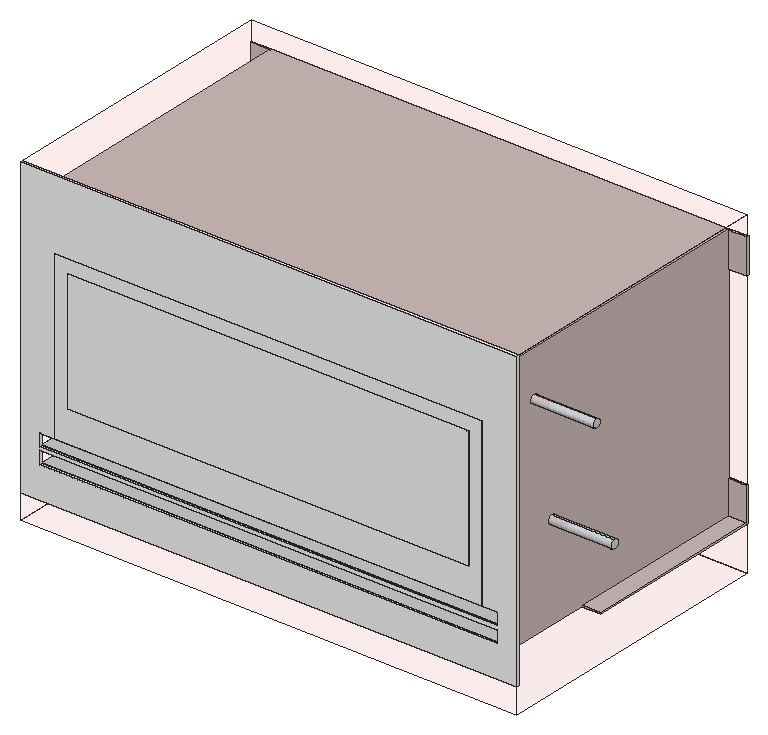
Revit family "Air-Curtain_Customer-Entry_PoweredAire_CLD-CHD-HWST", category Mechanical Equipment, host Face, Revit 2020
Family settings
  Host = Face
  Round Connector Dimension = Use Diameter
  Part Type = Normal
  OmniClass Number = 23.75.35.17.21
  OmniClass Title = Air Curtains
  Cut with Voids When Loaded = No
  Shared = No
  Room Calculation Point = No
Parameters
  upperpiperotation [instance] = if(Upper Pipe Connection Side A, 0.00°, 180.00°)  # 0.00°
  lowerpiperotation [instance] = if(Lower Pipe Connection Side A, 0.00°, 180.00°)  # 0.00°
  locateupperpipe [instance] = if(Upper Pipe Connection Side A, 0' 0", Nozzle Width)  # 0' - 0"
  locatelowerpipe [instance] = if(Lower Pipe Connection Side A, 0' 0", Nozzle Width)  # 0' - 0"
  Warranty Duration (Years) = 0
  Upper Pipe Connection Side A [instance] = yes
  Unit Width Notes = "Other Widths available."  # constant formula
  Unit Width = 3' - 3"
  Unit Weight = 0
  Unit Height = 1' - 10 3/4"
  Unit Depth = 1' - 11 1/4"
  URL = "http://www.poweredaire.com/"
  Test Data = ""
  Standards Conformance = "as Specified"
  Specification = "http://www.arcat.com/sdspecs/htm04/23_34_33pai.htm"
  SpecWizard = ""
  Sound Pressure = "as Specified"
  Sales Information = "http://www.poweredaire.com/contact_us"
  Revision = "R1_2016-08"
  Projection from Host [instance] = 0' - 2"
  Product Properties = ""
  Product Data = "http://www.arcat.com/arcatcos/cos47/arc47623.html"
  Power Rating = 0 W
  Piping_Water Flow [instance] = 0 GPM
  Piping_Operating Pressure [instance] = 0.00 psi
  Piping_Exit Temperature [instance] = 0 °F
  Piping_Entry Temperature [instance] = 0 °F
  Pipe OD [instance] = 5/8"
  Nozzle Width = if(1 = 1, Unit Width - 0' 3", 0' 0")  # 3' - 0"
  Mounting Width = if(1 = 1, Unit Width - 0' 1 1/2", 0' 0")  # 3' - 1 1/2"
  Mounting Height [instance] = 3' - 6"
  Motor RPM = 0
  Motor HP = 0
  Motor Count = 0
  Model = "As Specified"
  Max Height = 0' - 0"
  Manufacturer Website = "http://www.poweredaire.com/"
  Manufacturer Phone - Toll Free = "888-321-2473"
  Manufacturer Phone = "724-588-3305"
  Manufacturer Fax = "724-588-3371"
  Manufacturer Address = "109 Mortensen Rd.  Greenville, PA 16125"
  Manufacturer = "Powered Aire, Inc"
  Maintenance Schedule (Months) = 0
  Lower Pipe Connection Side A [instance] = yes
  Keynote = "23 34 33"
  Installation-Fabrication = ""
  Installation Phase = ""
  Include Clearance [instance] = yes
  Heating Element Load = 0 W
  HVAC_Temperature Rise = 0 °F
  HVAC_Outlet Volume = 0 CFM
  HVAC_Outlet Velocity Uniformity = 0
  HVAC_Outlet Velocity = 0 FPM
  HVAC_BTU Input = 0.0 Btu/h
  Green Building-LEED = "http://www.arcat.com/green/clients/leed_data_47623.html"
  Front Grating Material [instance] = Metal - Steel - PoweredAire - White Perforated
  Frame Finish [instance] = Metal - Steel - PoweredAire - Stainless 304
  Expected Lifespan (Years) = 0
  Electrical_Wattage [instance] = Power Rating + Heating Element Load  # 0 W
  Electrical_Voltage [instance] = 0 V
  Electrical_Phase [instance] = 1
  Electrical_Frequency [instance] = 0 Hz
  Electrical_Amperage [instance] = 0 A
  Drawn By = "Sumex Design, Inc. / Robert S. Weygant, CSI, CDT, SCIP"
  Description = "Powered Aire Air Curtain as Specified"
  Default Elevation = 0' - 0"  # constant formula
  Cover Finish [instance] = Metal - Steel - PoweredAire - White
  Copyright = "©Arcat Inc."
  Construction Details = "http://www.arcat.com/details/powair/prod3336.html"
  Clearance_Top [instance] = 0' - 0"
  Clearance_Side B [instance] = 0' - 0"
  Clearance_Side A [instance] = 0' - 0"
  Clearance_Intake [instance] = 0' - 0"
  Clearance_Front [instance] = 0' - 0"
  Clearance Material [instance] = ARCAT Clearance
  Building Codes = ""
  Available Options [instance] = "as Specified"
  Assembly Code = "D3090400"
Reference planes (in)
  plane 1 "Center (Elevation)": y = 11.51318
  plane 2: z = 0
  plane 3 "Center (Left/Right)": x = 0
  plane 4: y = 22.88818
  plane 5: y = 0.13818
  plane 6: x = -19.5
  plane 7: x = 19.5
  plane 8: z = 25.25
  plane 9 "FF": y = -41.86182
  plane 10: z = 2
  plane 11: x = 18
  plane 12: x = -18
  plane 13: y = 22.88818
  plane 14: y = 0.13818
  plane 15: x = -19.5
  plane 16: x = 19.5
  plane 17: z = 25.25
  plane 18: y = 0.38818
  plane 19: x = 18
  plane 20: x = 18
  plane 21: z = 20.25
  plane 22: z = 11
Forms (in)
  Extrusion 1, solid, material "ARCAT Clearance" <- "Clearance Material", visible <- "Include Clearance"
    sketch origin (0, 0, 0) x (0, 1, 0) y (0, 0, 1)
      loop
        line (0.13818, 25.25) -> (0.13818, 0) -> (22.88818, 0) -> (22.88818, 25.25) -> (0.13818, 25.25)
    from -19.5 to 19.5
  Extrusion 2, solid, material "Metal - Steel - PoweredAire - White" <- "Cover Finish"
    sketch origin (0, 11.51318, 0) x (1, 0, 0) y (0, 0, 1)
      loop
        line (-19.5, 25.25) -> (-19.5, 2) -> (19.5, 2) -> (19.5, 25.25) -> (-19.5, 25.25)
    from 11.125 to 11.375
  Extrusion 3, solid, material "Metal - Steel - PoweredAire - Stainless 304" <- "Frame Finish"
    sketch origin (0, 11.51318, 0) x (1, 0, 0) y (0, 0, 1)
      loop
        line (18, 23.75) -> (-18, 23.75) -> (-18, 3.5) -> (18, 3.5) -> (18, 23.75)
    from -11.375 to 11.125
  Extrusion 4, void
    sketch origin (0, 0, 0) x (0, 1, 0) y (0, 0, 1)
      loop
        line (0.13818, 5.5) -> (0.13818, 4.5) -> (1.88818, 4.5) -> (1.88818, 6.75) -> (0.13818, 6.75) -> (0.13818, 5.75) -> (1.63818, 5.75) -> (1.63818, 5.5) -> (0.13818, 5.5)
    from -18 to 18
  Extrusion 5, solid, material "Metal - Steel - PoweredAire - White" <- "Cover Finish"
    sketch origin (-11.83813, 0.13818, 48) x (-1, 0, 0) y (0, 0, 1)
      loop
        line (4.91187, -41.25) -> (4.91187, -28.25) -> (-28.58813, -28.25) -> (-28.58813, -41.25) -> (4.91187, -41.25)
    from 0 to -0.03125
  Extrusion 6, solid, material "Metal - Steel - PoweredAire - White Perforated" <- "Front Grating Material"
    sketch origin (-11.83813, 0.10693, 48) x (1, 0, 0) y (0, 0, 1)
      loop
        line (-3.91187, -29.25) -> (-3.91187, -38.75) -> (27.58813, -38.75) -> (27.58813, -29.25) -> (-3.91187, -29.25)
    from 0 to 0.03125
  Extrusion 7, solid, material "Metal - Steel - PoweredAire - Stainless 304" <- "Frame Finish"
    sketch origin (-15.17702, -180, 2) x (-1, 0, 0) y (0, -1, 0)
      loop
        line (-33.17702, -202.88818) -> (-33.17702, -188.38818) -> (-34.67702, -188.38818) -> (-34.67702, -202.88818) -> (-33.17702, -202.88818)
      loop
        line (2.82298, -202.88818) -> (4.32298, -202.88818) -> (4.32298, -188.38818) -> (2.82298, -188.38818) -> (2.82298, -202.88818)
    from 1.5 to 1.625
  Extrusion 8, solid, material "Metal - Steel - PoweredAire - Stainless 304" <- "Frame Finish"
    sketch origin (-11.83813, 22.88818, 48) x (-1, 0, 0) y (0, 0, 1)
      loop
        line (7.66187, -44.5) -> (7.66187, -41.75) -> (6.16187, -41.75) -> (6.16187, -44.5) -> (7.66187, -44.5)
      loop
        line (-31.33813, -44.5) -> (-29.83813, -44.5) -> (-29.83813, -41.75) -> (-31.33813, -41.75) -> (-31.33813, -44.5)
      loop
        line (7.66187, -27) -> (7.66187, -24.25) -> (6.16187, -24.25) -> (6.16187, -27) -> (7.66187, -27)
      loop
        line (-31.33813, -27) -> (-29.83813, -27) -> (-29.83813, -24.25) -> (-31.33813, -24.25) -> (-31.33813, -27)
    from 0 to -0.125
  Sweep 9, solid
    path origin (18, 11.51318, 20.25) x (1, 0, 0) y (0, 0, 1)
      loop
        line (0, 0) -> (5, 0)
    profile origin (20.5, 11.51318, 20.25) x (0, 0, 1) y (0, -1, 0)
      loop
        circle (0, 7.875) r 0.3125
  Sweep 10, solid
    path origin (18, 11.51318, 11) x (1, 0, 0) y (0, 0, 1)
      loop
        line (0, 0) -> (5, 0)
    profile origin (20.5, 11.51318, 11) x (0, 0, 1) y (0, -1, 0)
      loop
        circle (0, 6.125) r 0.3125
Cuts and joins
  Extrusion 4 cuts Extrusion 1
  Extrusion 4 cuts Extrusion 2
  Extrusion 4 cuts Extrusion 3
Lines and regions (in)
  reference lines
    curve 1: line (18, 11.51318, 20.25) -> (25.75, 11.51318, 20.25)
    curve 2: line (18, 11.51318, 11) -> (26.25, 11.51318, 11)
Dimensions and locks (in)
  equal spacing: plane 4, plane 1 "Center (Elevation)", plane 5
  "Unit Height": plane 4 to plane 5
  equal spacing: plane 6, plane 3 "Center (Left/Right)", plane 7
  "Unit Width": plane 6 to plane 7
  "Mounting Height": plane 5 to plane 9 "FF"
  "Projection from Host": plane 10 to level
  "Unit Depth": plane 8 to plane 10
  locked: plane 6 to plane 12 at 1.5
  locked: plane 11 to plane 7 at 1.5
  "Clearance_Side A": plane 7 to plane 16
  "Clearance_Side B": plane 15 to plane 6
  "Clearance_Top": plane 13 to plane 4
  "Clearance_Intake": plane 5 to plane 14
  "Clearance_Front": plane 17 to plane 8
  locked: plane 8 to Extrusion 3 sketch curve at 1.5
  locked: Extrusion 3 sketch curve to plane 10 at 1.5
  locked: plane 7 to Extrusion 3 sketch curve at 1.5
  locked: Extrusion 3 sketch curve to plane 6 at 1.5
  locked: plane 18 to plane 5 at 0.25
  Extrusion 4 sketch curve to Extrusion 4 sketch curve to Extrusion 4 sketch curve to Extrusion 4 sketch curve to plane 10 = 0' - 1" locked, 0' - 0 1/4" locked, 0' - 1" locked, 0' - 2 1/2" locked
  Extrusion 5 sketch curve to Extrusion 5 sketch curve to plane 10 = 1' - 1" locked, 0' - 4 3/4" locked
  locked: plane 11 to Extrusion 5 sketch curve at 1.25
  locked: Extrusion 5 sketch curve to plane 12 at 1.25
  Extrusion 6 sketch curve to Extrusion 6 sketch curve to plane 10 = 0' - 9 1/2" locked, 0' - 7 1/4" locked
  locked: Extrusion 6 sketch curve to plane 12 at 2.25
  locked: plane 11 to Extrusion 6 sketch curve at 2.25
  locked: plane 4 to Extrusion 7 sketch curve at 14.5  (x2)
  Extrusion 8 sketch curve to Extrusion 8 sketch curve to Extrusion 8 sketch curve to Extrusion 8 sketch curve to plane 10 = 0' - 2 3/4" locked, 1' - 2 3/4" locked, 0' - 2 3/4" locked, 0' - 1 1/2" locked  (x2)
  "locatelowerpipe": plane 19 to plane 11
  "locateupperpipe": plane 20 to plane 11
  locked: plane 8 to plane 21 at 5
  locked: plane 22 to plane 10 at 9
  locked: curve 1 to Sweep 9 sketch curve at 5
  locked: curve 1 to Sweep 9 sketch curve
  locked: curve 2 to Sweep 10 sketch curve at 5
  locked: curve 2 to Sweep 10 sketch curve
  locked: plane 5 to Sweep 9 sketch curve at 3.5
  locked: plane 5 to Sweep 10 sketch curve at 5.25
  "lowerpiperotation": angle plane 21 to curve 1
  "upperpiperotation": angle plane 22 to curve 2
  aligned and locked: plane 2 to host face
  aligned and locked: level to host face
  aligned and locked: Extrusion 1 sketch curve to plane 17
  aligned and locked: plane 14 to Extrusion 1 sketch curve
  aligned and locked: level to Extrusion 1 sketch curve
  aligned and locked: Extrusion 1 sketch curve to plane 13
  aligned and locked: plane 16 to Extrusion 1
  aligned and locked: Extrusion 1 to plane 15
  aligned and locked: Extrusion 2 sketch curve to plane 8
  aligned and locked: plane 6 to Extrusion 2 sketch curve
  aligned and locked: Extrusion 2 sketch curve to plane 10
  aligned and locked: Extrusion 2 sketch curve to plane 7
  aligned and locked: Extrusion 3 to plane 4
  aligned and locked: Extrusion 3 to plane 18
  aligned and locked: Extrusion 2 to plane 18
  aligned and locked: Extrusion 2 to plane 5
  aligned and locked: plane 11 to Extrusion 4
  aligned and locked: Extrusion 4 to plane 12
  aligned and locked: Extrusion 7 sketch curve to plane 4  (x2)
  aligned and locked: plane 20 to curve 2
  aligned and locked: plane 22 to curve 2
  aligned and locked: plane 19 to curve 1
  aligned and locked: plane 21 to curve 1
Automatic sketch dimensions
  host sketch curve to host sketch curve = 8' - 0"  (x2)
  Extrusion 4 sketch curve to plane 5 = 0' - 0"  (x2)
  plane 18 to Extrusion 4 sketch curve = 0' - 1 1/4"
  Extrusion 4 sketch curve to Extrusion 4 sketch curve = 0' - 0 1/4"
  Extrusion 7 sketch curve to plane 7 = 0' - 0"
  Extrusion 7 sketch curve to plane 11 = 0' - 0"
  Extrusion 7 sketch curve to plane 12 = 0' - 0"
  Extrusion 7 sketch curve to plane 6 = 0' - 0"
  Extrusion 8 sketch curve to plane 7 = 0' - 0"  (x2)
  Extrusion 8 sketch curve to plane 11 = 0' - 0"  (x2)
  Extrusion 8 sketch curve to plane 12 = 0' - 0"  (x2)
  Extrusion 8 sketch curve to plane 6 = 0' - 0"  (x2)
  profile plane to Sweep 9 sketch curve = 0' - 0"
  profile plane to Sweep 10 sketch curve = 0' - 0"
  radius of Sweep 9 sketch curve = 0' - 0 5/16"
  radius of Sweep 10 sketch curve = 0' - 0 5/16"
Connectors (in)
  electrical at (-18, 6.38818, 9.625), driven by "Electrical_Voltage", driven by "Electrical_Phase"
    settings: on cut or joined group of Extrusion 3, Extrusion 4, index 1, voltage 0 V, apparent load 0 VA, apparent load phase1 0 VA, apparent load phase2 0 VA, apparent load phase3 0 VA, power factor 1, load classification "Other", number of poles 1, system type 31, power factor state 1, is connector primary yes, connector utility no, sub classification motor no, connector description ""
  piping at (23, 3.63818, 20.25), diameter 0.625, driven by "Pipe OD"
    settings: on Sweep 9, index 2, connector inside diameter 24", connector length 0' - 0", flow factor 0, pipe flow 0 GPM, pressure drop 0.00 psi, fitting loss kfactor 0, connector angle 0.00°, fixture units 0, engagement length 0' - 0", angle of deflection 0.00°, flow configuration 0, flow direction 0, fitting loss method 0, system type 29, joint type 0, gender type 0, connector reference index -1, connector utility 0, adjustable connector no, is connector primary no, connector description "Define Supply or Return and Location"
  piping at (23, 5.38818, 11), diameter 0.625, driven by "Pipe OD"
    settings: on Sweep 10, index 3, connector inside diameter 24", connector length 0' - 0", flow factor 0, pipe flow 0 GPM, pressure drop 0.00 psi, fitting loss kfactor 0, connector angle 0.00°, fixture units 0, engagement length 0' - 0", angle of deflection 0.00°, flow configuration 0, flow direction 0, fitting loss method 0, system type 29, joint type 0, gender type 0, connector reference index -1, connector utility 0, adjustable connector no, is connector primary yes, connector description "Define Supply or Return and Location"
